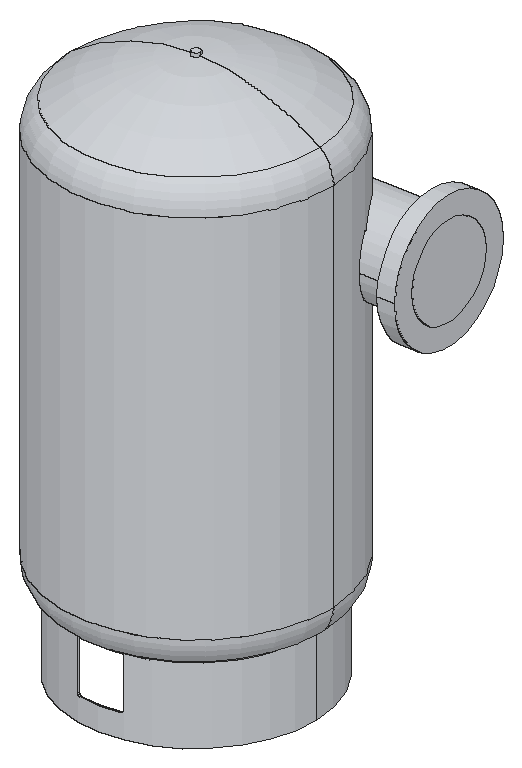
Revit family
Parameters (values of type "16-AS-L 125# W.P.")
  Weight = "3800 lbs"
  Top to Inlet = 29.000"
  Top Connection Radius = 0.375"
  Top Connection Diameter = Top Connection Radius * 2  # 0.750"
  Tank Height = 102.500"
  Tangential = yes
  Tank Height Less Stand = 90.000"
  Tank Diameter = 48.000"
  Pipe Location off CL = 14.875"
  Outlet Pipe Flange Conn. Radius = Outlet Pipe Flange Conn / 2  # 8.000"
  Outlet Pipe Flange Conn = 16.000"
  Model = "16\"-AS-L"
  Pressure Drop = ".23"
  Max Operating Temp = "350 DEG F"
  Max Operating Pressure = "125 PSI"
  Manufacturer = "Amtrol"
  Inlet CL to Outlet CL = 32.000"
  Inlet Pipe Flange Conn = 16.000"
  Inlet Pipe Flange Conn. Radius = Inlet Pipe Flange Conn / 2  # 8.000"
  Flow (GPM) = "3375"
  Flange to Flange Height = 64.000"
  CL to Outlet Flange = 32.000"
  Bottom Connection Radius = Bottom Connection Diameter / 2  # 0.375"
  Bottom Connection Diameter = 0.750"
  ASME = yes
Types (3): name | Max Operating Pressure
  (no name) | "125 PSI"
  16-AS-L 125# W.P. | "125 PSI"
  16-AS-L 150# W.P. 10 BAR | "150 PSI"
Reference planes (in)
  plane 1 "Center (Front/Back)": y = 0
  plane 2: z = 0
  plane 3 "Center (Left/Right)": x = 0
Forms (in)
  Revolve 1, solid
    sketch origin (0, 0, 0) x (1, 0, 0) y (0, 0, 1)
      loop
        arc (0, 1) -> (11.4087, 3.04176) -> (21.57739, 8.60277) r 36
        arc (21.57739, 8.60277) -> (23.27998, 10.70171) -> (23.88867, 13.33493) r 6
        line (23.88867, 13.33493) -> (23.88867, 78.95896)
        arc (23.88867, 78.95896) -> (23.28012, 81.7325) -> (21.46441, 83.91563) r 6
        arc (21.46441, 83.91563) -> (11.30263, 89.18611) -> (0, 91) r 36
        line (0, 91) -> (0, 1)
      axis (0, 1) -> (0, 91)
    angle from 0 to 360
  Extrusion 2, solid
    sketch origin (0, 0, 4.33383) x (0, 1, 0) y (0, 0, 1)
      loop
        circle (14.875, 57.69234) r 8
    from 2.04863 to 32
  Extrusion 3, solid
    sketch origin (1.78583, 0, 18.02222) x (0, 1, 0) y (0, 0, 1)
      loop
        circle (14.875, 12.00395) r 8
    from -31.16325 to -3.78583
  Extrusion 4, solid
    sketch origin (6.54208, 0, 8.25512) x (0, 1, 0) y (0, 0, 1)
      loop
        circle (14.875, 53.77105) r 11.75
    from 25.45792 to 22.45792
  Extrusion 5, solid
    sketch origin (0, 0, 0.63219) x (0, 1, 0) y (0, 0, 1)
      loop
        circle (14.875, 29.39398) r 11.75
    from -29.37742 to -32
  Sweep 6, solid
    path origin (0.0083, 0, 42.63637) x (1, 0, 0) y (0, 0, 1)
      loop
        line (0, 48.3898) -> (0, 48.8898)
    profile origin (0.0083, 0, 91.27617) x (-1, 0, 0) y (0, -1, 0)
      loop
        circle (0, 0) r 0.75
  Sweep 7, solid
    path origin (0, 0, 0.47237) x (1, 0, 0) y (0, 0, 1)
      loop
        line (0, 0) -> (0, 0.5538)
    profile origin (0, 0, 0.74927) x (-1, 0, 0) y (0, -1, 0)
      loop
        circle (0, 0) r 0.75
  Extrusion 8, solid
    sketch origin (0, 0, 0) x (1, 0, 0) y (0, 1, 0)
      loop
        circle (0, 0) r 21
      loop
        circle (0, 0) r 20.75
    from 8.26131 to -5.19991
  Extrusion 9, void
    sketch origin (0, 0, 0) x (1, 0, 0) y (0, 0, 1)
      loop
        line (-3.98176, 8.26131) -> (-3.98176, -0.63548)
        arc (-3.98176, -0.63548) -> (-3.83532, -0.98904) -> (-3.48176, -1.13548) r 0.5
        line (-3.48176, -1.13548) -> (3.48176, -1.13548)
        arc (3.48176, -1.13548) -> (3.83532, -0.98904) -> (3.98176, -0.63548) r 0.5
        line (3.98176, -0.63548) -> (3.98176, 8.26131) -> (-3.98176, 8.26131)
    from 4.41095 to 33.97425
Cuts and joins
  Extrusion 9 cuts Sweep 7
  Extrusion 9 cuts Extrusion 8
Text (in)
  text "INLET" at (35.10882, 0, 69.56506), in view "Front"
  text "OUTLET" at (-43.18425, 0, 23.87257), in view "Front"
Dimensions and locks (in)
  "Pipe Location off CL": plane 1 "Center (Front/Back)" to Extrusion 2 sketch curve
  "Pipe Location off CL": plane 1 "Center (Front/Back)" to Extrusion 3 sketch curve
  "Pipe Location off CL": Extrusion 5 sketch curve to plane 1 "Center (Front/Back)"
  "Pipe Location off CL": Extrusion 4 sketch curve to plane 1 "Center (Front/Back)"
  "CL to Outlet Flange": Extrusion 5 to plane 3 "Center (Left/Right)"
  "Top to Inlet": Sweep 6 to Extrusion 4 sketch curve
  "Top to Inlet": Sweep 6 to Extrusion 2 sketch curve
  locked: Sweep 6 to Extrusion 5 sketch curve at 61
  locked: Sweep 6 to Extrusion 3 sketch curve at 61
  "Tank Height Less Stand": Sweep 6 sketch curve to cut or joined group of Sweep 7, Extrusion 9
  locked: Revolve 1 sketch curve to level at 1
  locked: Revolve 1 sketch curve to Revolve 1 sketch curve at 23.88867
  "Tank Height Less Stand": Revolve 1 sketch curve to Revolve 1 sketch curve
  Revolve 1 sketch curve to Revolve 1 sketch curve = 30.000"
  radius of Revolve 1 sketch curve = 36.000"  (x2)
  radius of Revolve 1 sketch curve = 6.000"  (x2)
  aligned and locked: Extrusion 4 to Extrusion 2
  aligned and locked: Extrusion 3 to Extrusion 5
  aligned: Extrusion 3 to Extrusion 2
  aligned and locked: Extrusion 8 to Extrusion 9
  aligned and locked: Revolve 1 sketch curve to Revolve 1 sketch curve
Automatic sketch dimensions
  plane 1 "Center (Front/Back)" to Sweep 6 sketch curve = 0.000"
  Sweep 6 sketch curve to profile plane = 0.000"
  Sweep 7 sketch curve to plane 3 "Center (Left/Right)" = 0.000"
  level to Sweep 7 sketch curve = 0.47237"
  level to Sweep 7 sketch curve = 1.02617"
  plane 1 "Center (Front/Back)" to Sweep 7 sketch curve = 0.000"
  Sweep 7 sketch curve to profile plane = 0.000"
  Extrusion 8 sketch curve to Extrusion 8 sketch curve = 0.000"  (x2)
  plane 1 "Center (Front/Back)" to Extrusion 8 sketch curve = 0.000"
  Extrusion 8 sketch curve to plane 3 "Center (Left/Right)" = 0.000"
  Extrusion 9 sketch curve to plane 3 "Center (Left/Right)" = 3.98176"
  Extrusion 9 sketch curve to Extrusion 9 sketch curve = 0.500"  (x2)
  Extrusion 9 sketch curve to level = 0.63548"
  plane 3 "Center (Left/Right)" to Extrusion 9 sketch curve = 3.48176"
  level to Extrusion 9 sketch curve = 8.26131"
  plane 3 "Center (Left/Right)" to Sweep 6 sketch curve = 0.0083"
  Sweep 6 sketch curve to Sweep 6 sketch curve = 0.500"
  Revolve 1 sketch curve to plane 3 "Center (Left/Right)" = 0.000"
  Revolve 1 sketch curve to plane 3 "Center (Left/Right)" = 0.55494"
  plane 3 "Center (Left/Right)" to Revolve 1 sketch curve = 0.01944"
  Revolve 1 sketch curve to Revolve 1 sketch curve = 5.99843"
  Revolve 1 sketch curve to Revolve 1 sketch curve = 2.31128"
  Revolve 1 sketch curve to Revolve 1 sketch curve = 0.000"
  Revolve 1 sketch curve to Revolve 1 sketch curve = 20.70015"
  radius of Extrusion 2 sketch curve = 8.000"
  radius of Extrusion 3 sketch curve = 8.000"
  radius of Extrusion 4 sketch curve = 11.750"
  radius of Extrusion 5 sketch curve = 11.750"
  radius of Sweep 6 sketch curve = 0.750"
  radius of Sweep 7 sketch curve = 0.750"
  radius of Extrusion 8 sketch curve = 21.000"
  radius of Extrusion 8 sketch curve = 20.750"
Connectors (in)
  piping at (0.0083, 0, 91.52617), driven by "Top Connection Radius"
    settings: on Sweep 6, index 3
  piping at (-32, 14.875, 30.02617), driven by "Outlet Pipe Flange Conn. Radius"
    settings: on Extrusion 5, index 4
  piping at (0, 0, 0.47237), driven by "Bottom Connection Radius"
    settings: on Sweep 7, index 5
  piping at (32, 14.875, 62.02617), driven by "Inlet Pipe Flange Conn. Radius"
    settings: on Extrusion 4, index 6
